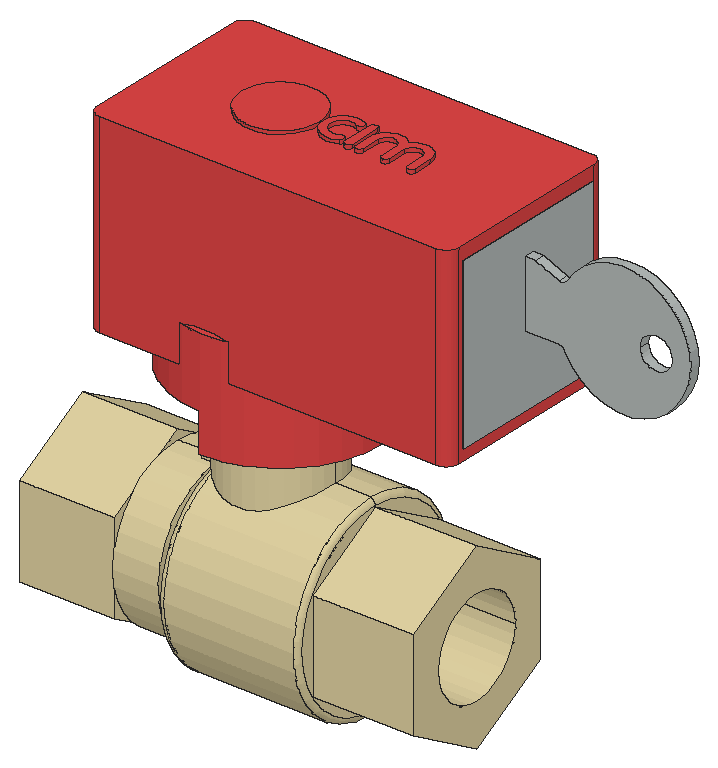
Revit family "QA00670000", category Apparecchi idraulici, Revit 2020
Family settings
  Quota connettore circolare = Usa diametro
  Tipo di parte = Normale
  Numero OmniClass = 23.45.00.00
  Titolo OmniClass = Sanitary, Laundry, and Cleaning Equipment
  Basato su piano di lavoro = No
  Sempre verticale = Sì
  Taglio con vuoti quando caricato = No
  Condiviso = No
  Punto di calcolo locali = No
Parameters
  URL = "https://web.cimberio.com/index.php/figura/1034?subcategoria_id=63"
  Temperatura di esercizio = "-20 ÷ 150°C"
  Prospetto di default = 0 mm
  Produttore = "CIMBERIO SPA"
  Pressione nominale = "PN 32"
  Modello = "Cim 12SICR"
  Materiale = "Prodotto in lega di ottone “CR” – “DZR” conforme alla norma EN 12165-CW602N-M"
  Descrizione = "Utilizzato nei più svariati settori dell'impiantistica: impianti di riscaldamento, condizionamento, idrici, igienico-sanitari, aria compressa e in generale con ogni fluido non corrosivo"
  DN Model [instance] = QA00671015 : QA00671015
  DN [instance] = 15 mm
  Commenti sul tipo = "Realizzato in ottemperanza ai requisiti gestionali della norma EN ISO 9001.\r\nCollaudato al 100% secondo la normativa EN 12266-1"
Reference planes
  plane 1 "Centro (Fronte/Retro)": y = 0
  plane 2: z = 0
  plane 3 "Centro (Sinistra/Destra)": x = 0
Dimensions and locks
  aligned and locked: level to plane 2
Nested families
  nested 1: "QA00671015" at (0, 0, 0), type <- "DN Model", type "QA00671015"
  nested 2: "QA00671015" at (0, 0, 0), type <- "DN Model", type "QA00671015"
  nested 3: "QA00671015" at (0, 0, 0), type <- "DN Model", type "QA00671015"
  nested 4: "QA00671015" at (0, 0, 0), type <- "DN Model", type "QA00671015"
  nested 5: "QA00671015" at (0, 0, 0), type <- "DN Model", type "QA00671015"
  nested 6: "QA00671015" at (0, 0, 0), type <- "DN Model", type "QA00671015"
Connectors
  piping at (30.3, 0, 0), diameter 15, driven by "DN"
    settings: on nested 1, index 1, connector inside diameter 609.6 mm, connector length 0 mm, flow factor 0, pipe flow 0.0 L/s, pressure drop 0.0 Pa, fitting loss kfactor 0, connector angle 0.00°, fixture units 0, engagement length 0 mm, angle of deflection 0.00°, flow configuration 0, flow direction 0, fitting loss method 0, system type 7, joint type 0, gender type 0, connector reference index -1, connector utility 0, adjustable connector no, is connector primary yes, connector description ""
  piping at (-30.6, 0, 0), diameter 15, driven by "DN"
    settings: on nested 1, index 2, connector inside diameter 609.6 mm, connector length 0 mm, flow factor 0, pipe flow 0.0 L/s, pressure drop 0.0 Pa, fitting loss kfactor 0, connector angle 0.00°, fixture units 0, engagement length 0 mm, angle of deflection 0.00°, flow configuration 0, flow direction 0, fitting loss method 0, system type 7, joint type 0, gender type 0, connector reference index -1, connector utility 0, adjustable connector no, is connector primary no, connector description ""
Definition of nested family "QA00671015"
  Parameters (values of type "QA00671015")
    Default Elevation = 0 mm
  Reference planes
    plane 1 "Centro (Fronte/Retro)": y = 0
    plane 2: z = 0
    plane 3 "Centro (Sinistra/Destra)": x = 0
  Forms (mm)
    Revolve 1, solid
      sketch origin (0, 0, 0) x (1, 0, 0) y (0, 0, 1)
        loop
          line (-16, -12.545) -> (-8.955, -12.545) -> (-6.756, -14.744)
          arc (-6.756, -14.744) -> (-6.422, -14.967) -> (-6.028, -15.045) r 1.03
          line (-6.028, -15.045) -> (13.91, -15.045)
          arc (13.91, -15.045) -> (14.382, -14.662) -> (14.6, -14.095) r 1.176
          line (14.6, -14.095) -> (14.6, -9.095) -> (-16, -9.095) -> (-16, -12.545)
        axis (-16, 0) -> (14.6, 0)
      angle from 0 to 360
    Extrusion 2, solid
      sketch origin (-16, 0, 0) x (0, 0, 1) y (0, 1, 0)
        loop
          circle (0, 0) r 7.5
        loop
          line (-14, 0) -> (-7, -12.124) -> (7, -12.124) -> (14, 0) -> (7, 12.124) -> (-7, 12.124) -> (-14, 0)
      from 0 to 14.6
    Extrusion 3, solid
      sketch origin (16, 0, 0) x (0, 0, 1) y (0, -1, 0)
        loop
          circle (0, 0) r 7.5
        loop
          line (-14, 0) -> (-7, -12.124) -> (7, -12.124) -> (14, 0) -> (7, 12.124) -> (-7, 12.124) -> (-14, 0)
      from -1.4 to 14.3
    Extrusion 4, solid
      sketch origin (0, 0, 28.55) x (1, 0, 0) y (0, 1, 0)
        loop
          circle (0, 0) r 8.45
        loop
          circle (0, 0) r 6.348
      from -20.832 to 5.337
    Revolve 5, solid
      sketch origin (0, 0, 0) x (1, 0, 0) y (0, 0, 1)
        loop
          line (0, 45.845) -> (-9.25, 45.845) -> (-15.5, 39.595) -> (-15.5, 22.845) -> (-8.92, 22.845) -> (-8.92, 33.247) -> (0, 33.247) -> (0, 45.845)
        axis (0, 45.845) -> (0, 22.845)
      angle from 0 to 360
    Extrusion 6, void
      sketch origin (0, 0, 28.55) x (1, 0, 0) y (0, 1, 0)
        loop
          line (-8.682, 0) -> (-18.061, 0)
          arc (-18.061, 0) -> (-14.891, -14.568) -> (0, -15.285) r 12.25
          line (0, -15.285) -> (0, -7.437)
          arc (0, -7.437) -> (-5.627, -5.22) -> (-8.682, 0) r 9.25
      from -7.705 to 0.295
    Extrusion 7, solid
      sketch origin (0, 0, 0) x (1, 0, 0) y (0, 0, 1)
        loop
          line (-13, 26.345) -> (-13, 21.045) -> (-11, 19.89) -> (-11, 11.799) -> (-6.613, 11.799) -> (-6.613, 26.345) -> (-13, 26.345)
      from 0 to 1.497
    Extrusion 8, solid
      sketch origin (0, 0, 50.345) x (0, 1, 0) y (-1, 0, 0)
        loop
          arc (15, 15.928) -> (14.415, 17.343) -> (13, 17.929) r 2
          line (13, 17.929) -> (-13, 17.929)
          arc (-13, 17.929) -> (-14.414, 17.344) -> (-15, 15.93) r 2
          line (-15, 15.93) -> (-15, -35.999)
          arc (-15, -35.999) -> (-14.415, -37.413) -> (-13.002, -38) r 2
          line (-13.002, -38) -> (12.998, -38)
          arc (12.998, -38) -> (14.414, -37.415) -> (15, -35.999) r 2
          line (15, -35.999) -> (15, 15.928)
      from -16.458 to 13.455
    Extrusion 9, solid
      sketch origin (0, 0, 0) x (0, 1, 0) y (0, 0, 1)
        loop
          line (-12.5, 61.813) -> (-12.5, 35.744) -> (12.5, 35.744) -> (12.5, 61.813) -> (-12.5, 61.813)
      from 36 to 38.28
    Extrusion 10, solid
      sketch origin (0, 0, 0) x (1, 0, 0) y (0, 0, 1)
        loop
          line (38.28, 57.338) -> (38.28, 47.002) -> (43.63, 47.002)
          arc (43.63, 47.002) -> (44.157, 46.852) -> (44.526, 46.446) r 1
          arc (44.526, 46.446) -> (63.954, 50.68) -> (44.828, 56.118) r 10.25
          arc (44.828, 56.118) -> (44.264, 55.664) -> (43.541, 55.709) r 1
          line (43.541, 55.709) -> (40.024, 57.338) -> (38.28, 57.338)
        loop
          circle (58.709, 51) r 2.5
      from -0.786 to 0.756
    Extrusion 11, solid
      sketch origin (0, 0, 49.8) x (0, 1, 0) y (-1, 0, 0)
        loop
          arc (2.037, -10.079) -> (2.237, -10.904) -> (3.062, -10.704) r 0.6
          arc (3.062, -10.704) -> (0.501, -6.142) -> (-2.061, -10.704) r 3
          arc (-2.061, -10.704) -> (-1.236, -10.904) -> (-1.036, -10.079) r 0.6
          arc (-1.036, -10.079) -> (0.501, -7.342) -> (2.037, -10.079) r 1.8
        loop
          line (2.901, -11.404) -> (-1.899, -11.404)
          arc (-1.899, -11.404) -> (-2.499, -12.004) -> (-1.899, -12.604) r 0.6
          line (-1.899, -12.604) -> (2.901, -12.604)
          arc (2.901, -12.604) -> (3.501, -12.004) -> (2.901, -11.404) r 0.6
        loop
          line (0.892, -13.104) -> (-1.899, -13.104)
          arc (-1.899, -13.104) -> (-2.499, -13.704) -> (-1.899, -14.304) r 0.6
          line (-1.899, -14.304) -> (0.892, -14.304)
          arc (0.892, -14.304) -> (2.301, -15.712) -> (0.892, -17.121) r 1.409
          line (0.892, -17.121) -> (-1.899, -17.121)
          arc (-1.899, -17.121) -> (-2.499, -17.721) -> (-1.899, -18.321) r 0.6
          line (-1.899, -18.321) -> (0.892, -18.321)
          arc (0.892, -18.321) -> (2.301, -19.73) -> (0.892, -21.138) r 1.409
          line (0.892, -21.138) -> (-1.9, -21.138)
          arc (-1.9, -21.138) -> (-2.499, -21.739) -> (-1.899, -22.338) r 0.6
          line (-1.899, -22.338) -> (0.892, -22.338)
          arc (0.892, -22.338) -> (3.346, -20.614) -> (2.556, -17.721) r 2.609
          arc (2.556, -17.721) -> (3.346, -14.828) -> (0.892, -13.104) r 2.609
      from 14 to 14.5
    Extrusion 12, solid
      sketch origin (0, 0, 49.8) x (0, 1, 0) y (-1, 0, 0)
        loop
          circle (0, 0) r 6
      from 14 to 14.5
  Cuts and joins
    Extrusion 6 cuts Revolve 5
    joined: Revolve 1, Extrusion 4, Extrusion 7
  Dimensions and locks
    aligned and locked: level to plane 2
